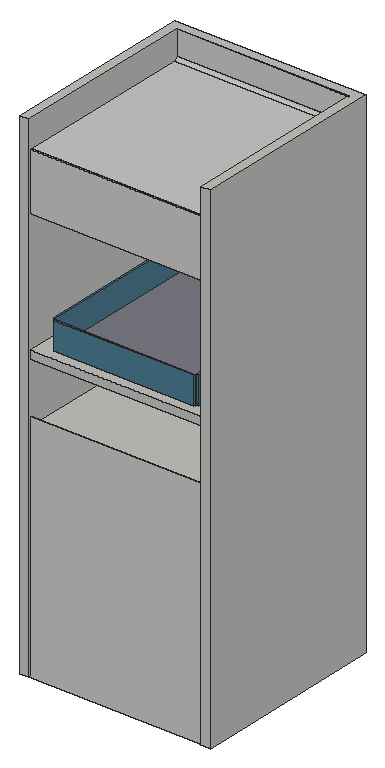
Revit family "Unit_Compact-Teknion-Zones_ZNRC-R2015", category Furniture, Revit 2015
Parameters (values of type "Unit with Casters and Cubby Tray")
  With Cubby Tray = yes
  With Casters = yes
  Width = 16"
  Warranty = "http://www.teknion.com/ca/papers/legal-canada"
  URL = "http://www.teknion.com"
  Sustainability Data = "http://www.teknion.com/ca/tools/assets#&asset=444deb64-fe58-4b68-981e-f75e97781df7,b4ff2d81-9f2e-437d-9659-7cffb09c31cf"
  Series = "Zones"
  Product Page URL = "http://www.teknion.com/products/product-details?productLineId=b28c7a6e-8e7a-673b-a6c8-ff64004460c4"
  Product Line = "Zones"
  Product Documentation Link = "http://www.teknion.com/pricing/Zones/pdfs/ZNRC_ppg.pdf"
  Part Number = "ZNRC"
  With Levellers = no
  Model = "ZNRC4216YY"
  Metal Countertop Finish [instance] = Seamless Paint - Teknion - ZI - Very White
  Manufacturer Phone = "416-661-3370"
  Manufacturer Fax = "416.661.4586"
  Manufacturer Contact Information = "http://www.teknion.com/ca/contactus"
  Manufacturer Address = "1150 Flint Road, Toronto, ON. M3J 2J5. Canada"
  Manufacturer = "Teknion"  # constant formula
  Height = 42"
  Front Finish [instance] = Seamless Paint - Teknion - ZI - Very White
  Description = "Compact Mobile Unit, 42\"h x 16\"w, Casters, Cubby Trays"
  Depth = 16"
  Cubby Tray Finish [instance] = Mineral Teal - Teknion - Navy
  Case Finish [instance] = Laminate - Teknion - RV - Very White
  Assembly Code = "E2020200"
Types (4): name | With Cubby Tray | With Casters | With Levellers | Model | Description
  Unit | no | no | yes | "ZNRC4216NN" | "Compact Mobile Unit, 42\"h x 16\"w, No Casters, No Cubby Trays"
  Unit with Cubby Tray | yes | no | yes | "ZNRC4216NY" | "Compact Mobile Unit, 42\"h x 16\"w, No Casters, Cubby Trays"
  Unit with Casters | no | yes | no | "ZNRC4216YN" | "Compact Mobile Unit, 42\"h x 16\"w, Casters, No Cubby Trays"
  Unit with Casters and Cubby Tray | yes | yes | no | "ZNRC4216YY" | "Compact Mobile Unit, 42\"h x 16\"w, Casters, Cubby Trays"
Reference planes (in)
  plane 1 "Center (Front/Back)": y = 0
  plane 2 "Bottom": z = 0
  plane 3 "Center L/R": x = 0
  plane 4 "Top": z = 42
  plane 5 "Right": x = 7.84375
  plane 6 "Left": x = -7.84375
  plane 7 "Back": y = 8
  plane 8 "Front": y = -8
  plane 9 "Support": y = -6.125
  plane 10: y = 6.5
  plane 11 "Masking": z = 39.74999
Forms (in)
  Sweep 1, solid, material "Seamless Paint - Teknion - ZI - Very White" <- "Front Finish"
    path origin (0, 0, 7.16145) x (0, 1, 0) y (-1, 0, 0)
      loop
        line (0, 7.15375) -> (0, -7.15375)
    profile origin (0, 0, 7.16145) x (0, 1, 0) y (0, 0, 1)
      loop
        line (-7.815, 27.83854) -> (-7.815, 32.58854) -> (-7.92, 32.58854) -> (-7.92, 27.83854) -> (-7.815, 27.83854)
      loop
        line (-6.759, 27.83854) -> (7.189, 27.83854) -> (7.189, 28.83854) -> (-6.759, 28.83854) -> (-6.759, 27.83854)
      loop
        line (-7.815, 12.83855) -> (-7.92, 12.83855) -> (-7.92, -6.41145) -> (-7.815, -6.41145) -> (-7.815, 12.83855)
  Sweep 2, solid, material "Laminate - Teknion - RV - Very White" <- "Case Finish"
    path origin (0, 0, 0) x (0, 1, 0) y (0, 0, 1)
      loop
        line (0, 0.75) -> (0, 42)
    profile origin (0, 0, 21.375) x (0, -1, 0) y (1, 0, 0)
      loop
        line (-8, -7.84375) -> (8, -7.84375) -> (8, -7.09375) -> (-7.189, -7.09375) -> (-7.189, 7.09625) -> (8, 7.09625) -> (8, 7.84375) -> (-8, 7.84375) -> (-8, -7.84375)
  Sweep 3, solid, material "Laminate - Teknion - RV - Very White" <- "Case Finish"
    path origin (0, 0, 7.16145) x (0, 1, 0) y (-1, 0, 0)
      loop
        line (0, 7.09375) -> (0, -7.09625)
    profile origin (0.00125, 0, 7.16145) x (0, 1, 0) y (0, 0, 1)
      loop
        line (7.189, 17.08855) -> (7.189, 17.77855) -> (-7.92, 17.77855) -> (-7.92, 17.08855) -> (7.189, 17.08855)
      loop
        line (7.189, 11.39855) -> (7.189, 12.08855) -> (-7.06, 12.08855) -> (-7.06, 11.39855) -> (7.189, 11.39855)
      loop
        line (-6.759, 27.83854) -> (7.189, 27.83854) -> (7.189, 28.83854) -> (-6.759, 28.83854) -> (-6.759, 27.83854)
  Sweep 4, solid, material "Laminate - Teknion - RV - Very White" <- "Case Finish", visible <- "With Casters"
    path origin (0, 0, 7.16145) x (0, 1, 0) y (-1, 0, 0)
      loop
        line (0, 7.09375) -> (0, -7.09625)
    profile origin (0.00125, 0, 7.16145) x (0, 1, 0) y (0, 0, 1)
      loop
        line (-7, -4.32144) -> (-7, -5.01144) -> (7.31, -5.01144) -> (7.31, -4.32144) -> (-7, -4.32144)
  Sweep 5, solid, material "Seamless Paint - Teknion - ZI - Very White" <- "Metal Countertop Finish"
    path origin (0, -6.125, 0) x (-1, 0, 0) y (0, 0, 1)
      loop
        line (7.09375, 42) -> (-7.09625, 42)
    profile origin (0.00125, -6.125, 42) x (0, 0, -1) y (0, 1, 0)
      loop
        line (2.25001, 13.06106) -> (2.25001, -1.69) -> (2.97001, -1.69) -> (2.97001, 13.375) -> (0.02072, 13.375) -> (0.02072, 13.31106) -> (2.00001, 13.31106)
        arc (2.00001, 13.31106) -> (2.17678, 13.23784) -> (2.25001, 13.06106) r 0.25
  Sweep 6, solid, material "Laminate - Teknion - RV - Very White" <- "Case Finish", visible <- "With Levellers"
    path origin (0, 0, 5.76144) x (0, 1, 0) y (-1, 0, 0)
      loop
        line (0, 7.09375) -> (0, -7.09625)
    profile origin (0.00125, 0, 5.76144) x (0, 1, 0) y (0, 0, 1)
      loop
        line (7.189, -4.32144) -> (-7.815, -4.32144) -> (-7.815, -5.01144) -> (7.189, -5.01144) -> (7.189, -4.32144)
Cuts and joins
  joined: Sweep 2, Sweep 3
Lines and regions (in)
  Masking region 1
    outline origin (0, 0, 39.74999) x (-1, 0, 0) y (0, -1, 0)
      loop
        line (7.84375, -8) -> (7.84375, 8) -> (-7.84375, 8) -> (-7.84375, -8) -> (7.84375, -8)
  Masking region 2, visible <- "With Casters", detail levels medium+fine
    outline origin (0, 0, 39.74999) x (-1, 0, 0) y (0, -1, 0)
      loop
        line (4.7682, -7.00428) -> (6.09933, -7.00428)
        arc (6.09933, -7.00428) -> (6.15509, -6.98406) -> (6.18491, -6.93278) r 0.08697
        arc (6.18491, -6.93278) -> (6.26163, -6.07444) -> (6.18401, -5.21617) r 4.81156
        arc (6.18401, -5.21617) -> (6.1511, -5.1597) -> (6.08965, -5.13742) r 0.0959
        line (6.08965, -5.13742) -> (4.78411, -5.13742)
        arc (4.78411, -5.13742) -> (4.72362, -5.15934) -> (4.69122, -5.21493) r 0.09442
        arc (4.69122, -5.21493) -> (4.61336, -6.07761) -> (4.69144, -6.94026) r 4.81156
        arc (4.69144, -6.94026) -> (4.71822, -6.98618) -> (4.7682, -7.00428) r 0.07802
      loop
        arc (-4.7682, -7.00428) -> (-4.71822, -6.98618) -> (-4.69144, -6.94026) r 0.07802
        arc (-4.69144, -6.94026) -> (-4.61336, -6.07761) -> (-4.69122, -5.21493) r 4.81156
        arc (-4.69122, -5.21493) -> (-4.72362, -5.15934) -> (-4.78411, -5.13742) r 0.09442
        line (-4.78411, -5.13742) -> (-6.08965, -5.13742)
        arc (-6.08965, -5.13742) -> (-6.1511, -5.1597) -> (-6.18401, -5.21617) r 0.0959
        arc (-6.18401, -5.21617) -> (-6.26163, -6.07444) -> (-6.18491, -6.93278) r 4.81156
        arc (-6.18491, -6.93278) -> (-6.15509, -6.98406) -> (-6.09933, -7.00428) r 0.08697
        line (-6.09933, -7.00428) -> (-4.7682, -7.00428)
      loop
        arc (4.7682, 7.47303) -> (4.71822, 7.45493) -> (4.69144, 7.40901) r 0.07802
        arc (4.69144, 7.40901) -> (4.61336, 6.54636) -> (4.69122, 5.68368) r 4.81156
        arc (4.69122, 5.68368) -> (4.72362, 5.62809) -> (4.78411, 5.60617) r 0.09442
        line (4.78411, 5.60617) -> (6.08965, 5.60617)
        arc (6.08965, 5.60617) -> (6.1511, 5.62845) -> (6.18401, 5.68492) r 0.0959
        arc (6.18401, 5.68492) -> (6.26163, 6.54319) -> (6.18491, 7.40153) r 4.81156
        arc (6.18491, 7.40153) -> (6.15509, 7.45281) -> (6.09933, 7.47303) r 0.08697
        line (6.09933, 7.47303) -> (4.7682, 7.47303)
      loop
        line (-4.7682, 7.47303) -> (-6.09933, 7.47303)
        arc (-6.09933, 7.47303) -> (-6.15509, 7.45281) -> (-6.18491, 7.40153) r 0.08697
        arc (-6.18491, 7.40153) -> (-6.26163, 6.54319) -> (-6.18401, 5.68492) r 4.81156
        arc (-6.18401, 5.68492) -> (-6.1511, 5.62845) -> (-6.08965, 5.60617) r 0.0959
        line (-6.08965, 5.60617) -> (-4.78411, 5.60617)
        arc (-4.78411, 5.60617) -> (-4.72362, 5.62809) -> (-4.69122, 5.68368) r 0.09442
        arc (-4.69122, 5.68368) -> (-4.61336, 6.54636) -> (-4.69144, 7.40901) r 4.81156
        arc (-4.69144, 7.40901) -> (-4.71822, 7.45493) -> (-4.7682, 7.47303) r 0.07802
  symbolic lines, detail levels medium+fine
    curve 1: line (7.15375, -8, 0) -> (7.15375, 7.189, 0)
    curve 2: line (7.15375, 7.189, 0) -> (-7.15375, 7.189, 0)
    curve 3: line (-7.15375, 7.189, 0) -> (-7.15375, -8, 0)
  symbolic lines, style "FurnitureHiddenLines", detail levels fine
    curve 4: line (7.15375, -7, 39.74999) -> (-7.15375, -7, 39.74999)
  symbolic lines, detail levels fine
    curve 5: line (-7.15375, -7.92, 39.74999) -> (7.15375, -7.92, 39.74999)
  symbolic lines, style "FurnitureHiddenLines", visible <- "With Cubby Tray", detail levels fine
    curve 6: line (6, -7.125, 39.74999) -> (6, 7.125, 39.74999)
    curve 7: line (-6, -7.125, 39.74999) -> (6, -7.125, 39.74999)
    curve 8: line (-6, -7.125, 39.74999) -> (-6, 7.125, 39.74999)
    curve 9: line (6, 7.125, 39.74999) -> (-6, 7.125, 39.74999)
Dimensions and locks (in)
  "Height": plane 4 "Top" to plane 2 "Bottom"
  equal spacing: plane 6 "Left", plane 3 "Center L/R", plane 5 "Right"
  locked: plane 6 "Left" to plane 5 "Right" at 15.6875
  equal spacing: plane 7 "Back", plane 1 "Center (Front/Back)", plane 8 "Front"
  "Width": plane 7 "Back" to plane 8 "Front"
  equal spacing: Sweep 1 sketch curve, plane 3 "Center L/R", Sweep 1 sketch curve
  plane 1 "Center (Front/Back)" to Sweep 1 sketch curve to Sweep 1 sketch curve = 7.815" locked, 0.105" locked
  Sweep 1 sketch curve to Sweep 1 sketch curve to plane 2 "Bottom" = 19 1/4" locked, 3/4"
  locked: Sweep 2 sketch curve to plane 2 "Bottom" at 0.75
  plane 7 "Back" to Sweep 3 sketch curve to Sweep 3 sketch curve = 15.06" locked, 0.86" locked
  locked: plane 10 to plane 7 "Back" at 1.5
  locked: plane 9 "Support" to plane 8 "Front" at 1.875
  plane 10 to nested 1 = 0.40282"
  nested 2 to nested 1 to plane 3 "Center L/R" to nested 3 to nested 4 = 0" locked, 5 7/16" locked, 5 7/16" locked, 0" locked
  locked: plane 8 "Front" to nested 4 at 1.49
  locked: plane 7 "Back" to nested 3 at 1.90282
  Sweep 4 sketch curve to Sweep 4 sketch curve to plane 2 "Bottom" = 0.69" locked, 2.15001" locked
  Sweep 4 sketch curve to plane 1 "Center (Front/Back)" to Sweep 4 sketch curve = 7.31" locked, 7" locked
  Sweep 1 to Sweep 1 to plane 4 "Top" = 1" locked, 6" locked
  locked: plane 1 "Center (Front/Back)" to Sweep 1 at 6.759
  nested 6 to plane 5 "Right" = 1.51903"
  nested 6 to plane 7 "Back" = 1.52422"
  locked: plane 6 "Left" to nested 8 at 0.4975
  locked: plane 7 "Back" to nested 7 at 0.77422
  locked: nested 8 to plane 8 "Front" at 1.125
  locked: plane 5 "Right" to nested 6 at 0.51903
  nested 9 to plane 7 "Back" = 7/8"
  Sweep 3 sketch curve to Sweep 3 sketch curve to plane 2 "Bottom" = 5" locked, 19 1/4" locked
  locked: plane 4 "Top" to Sweep 1 sketch curve at 2.25001
  locked: plane 4 "Top" to plane 11 "Masking" at 2.25001
  Masking region 2 sketch curve to Masking region 2 sketch curve to plane 1 "Center (Front/Back)" to Masking region 2 sketch curve to Masking region 2 sketch curve = 1.78935" locked, 5.68368" locked, 5.21493" locked, 0" locked
  Masking region 2 sketch curve to plane 3 "Center L/R" to Masking region 2 sketch curve to Masking region 2 sketch curve = 6.18401" locked, 4.69122" locked, 1.40812" locked
  locked: Sweep 6 sketch curve to Sweep 6 sketch curve at 0.69
  Sweep 6 sketch curve to Sweep 6 sketch curve = 15.004"
  locked: Sweep 6 to plane 2 "Bottom" at 0.75
  aligned and locked: level to plane 2 "Bottom"
  aligned and locked: plane 1 "Center (Front/Back)" to Sweep 1 sketch curve
  aligned and locked: plane 1 "Center (Front/Back)" to Sweep 2 sketch curve
  aligned and locked: plane 4 "Top" to Sweep 2 sketch curve
  aligned and locked: Sweep 2 sketch curve to plane 7 "Back"
  aligned and locked: Sweep 2 sketch curve to plane 6 "Left"
  aligned and locked: Sweep 2 sketch curve to plane 5 "Right"
  aligned and locked: plane 8 "Front" to Sweep 2 sketch curve
  aligned and locked: Sweep 2 sketch curve to plane 8 "Front"
  aligned and locked: plane 1 "Center (Front/Back)" to Sweep 3 sketch curve
  aligned and locked: Sweep 2 to Sweep 3 sketch curve  (x2)
  aligned and locked: Sweep 3 sketch curve to Sweep 2  (x2)
  aligned and locked: nested 1 to nested 2
  aligned and locked: nested 3 to nested 4
  aligned and locked: nested 1 to nested 3
  aligned and locked: nested 2 to nested 4
  aligned and locked: plane 1 "Center (Front/Back)" to Sweep 4 sketch curve
  aligned and locked: Sweep 2 to Sweep 4 sketch curve  (x2)
  aligned and locked: nested 5 to nested 8  (x2)
  aligned and locked: nested 7 to nested 8
  aligned and locked: nested 6 to nested 7  (x2)
  aligned and locked: nested 6 to nested 5
  aligned and locked: Sweep 2 to nested 8
  aligned and locked: Sweep 2 to nested 7
  aligned and locked: Sweep 2 to nested 6
  aligned and locked: Sweep 2 to nested 5
  aligned and locked: Sweep 5 sketch curve to plane 4 "Top"
  aligned and locked: Sweep 5 sketch curve to Sweep 2
  aligned and locked: Sweep 2 to Sweep 5 sketch curve
  aligned and locked: Sweep 4 to nested 1
  aligned and locked: nested 4 to Sweep 4
  aligned and locked: Sweep 4 to nested 2
  aligned and locked: nested 3 to Sweep 4
  aligned and locked: plane 3 "Center L/R" to nested 9
  aligned and locked: nested 9 to cut or joined group of Sweep 2, Sweep 3
  aligned and locked: plane 1 "Center (Front/Back)" to nested 9
  aligned and locked: Masking region 1 sketch curve to plane 5 "Right"
  aligned and locked: Masking region 1 sketch curve to plane 7 "Back"
  aligned and locked: Masking region 1 sketch curve to plane 6 "Left"
  aligned and locked: plane 8 "Front" to Masking region 1 sketch curve
  aligned and locked: Sweep 1 to Sweep 5
  aligned and locked: curve 4 to Sweep 4
  aligned and locked: Sweep 1 to curve 4
  aligned and locked: Sweep 1 to curve 5
  aligned and locked: curve 2 to Sweep 1
  aligned and locked: curve 6 to nested 9
  aligned and locked: curve 7 to nested 9
  aligned and locked: curve 8 to nested 9
  aligned and locked: curve 9 to nested 9
  aligned and locked: Sweep 6 sketch curve to cut or joined group of Sweep 2, Sweep 3
  aligned and locked: Sweep 6 to Sweep 5
Automatic sketch dimensions
  curve 3 to plane 8 "Front" = 0"
  curve 1 to plane 8 "Front" = 0"
  curve 3 to plane 6 "Left" = 0.69"
  curve 2 to plane 5 "Right" = 0.69"
  Sweep 1 sketch curve to plane 5 "Right" = 0.69"
  profile plane to Sweep 1 sketch curve = 7.92"
  Sweep 1 sketch curve to Sweep 1 sketch curve = 0.105"
  Sweep 1 sketch curve to Sweep 1 sketch curve = 1.056"
  Sweep 1 sketch curve to profile plane = 7.189"
  Sweep 1 sketch curve to Sweep 1 sketch curve = 4 3/4"
  Sweep 1 sketch curve to Sweep 1 sketch curve = 0"
  Sweep 1 sketch curve to Sweep 1 sketch curve = 1"
  Sweep 2 sketch curve to Sweep 2 sketch curve = 0.811"
  Sweep 2 sketch curve to Sweep 2 sketch curve = 3/4"
  Sweep 2 sketch curve to Sweep 2 sketch curve = 0.7475"
  profile plane to Sweep 3 sketch curve = 6.759"
  Sweep 3 sketch curve to profile plane = 7.189"
  Sweep 3 sketch curve to Sweep 3 sketch curve = 0.69"  (x2)
  Sweep 3 sketch curve to Sweep 3 sketch curve = 10.05999"
  Sweep 3 sketch curve to Sweep 3 sketch curve = 1"
  Sweep 5 sketch curve to profile plane = 0.02072"
  Sweep 5 sketch curve to Sweep 5 sketch curve = 1.97928"
  Sweep 5 sketch curve to profile plane = 2 1/4"
  Sweep 5 sketch curve to Sweep 5 sketch curve = 0.72"
  Sweep 5 sketch curve to plane 9 "Support" = 1.69"
  plane 9 "Support" to Sweep 5 sketch curve = 13.06106"
  Sweep 5 sketch curve to Sweep 5 sketch curve = 0.06394"
  curve 5 to plane 5 "Right" = 0.69"
  curve 4 to plane 6 "Left" = 0.69"
  curve 5 to plane 6 "Left" = 0.69"
  plane 10 to Masking region 2 sketch curve = 0.42303"  (x4)
  plane 5 "Right" to Masking region 2 sketch curve = 1.58118"  (x2)
  Masking region 2 sketch curve to plane 9 "Support" = 0.42072"  (x4)
  Masking region 2 sketch curve to plane 10 = 0.50428"  (x2)
  Masking region 2 sketch curve to plane 5 "Right" = 1.74442"  (x2)
  plane 9 "Support" to Masking region 2 sketch curve = 0.42292"
  Masking region 2 sketch curve to Masking region 2 sketch curve = 0.00968"
  Masking region 2 sketch curve to Masking region 2 sketch curve = 0.09436"
  plane 9 "Support" to Masking region 2 sketch curve = 0.4244"
  Masking region 2 sketch curve to Masking region 2 sketch curve = 1.30554"  (x4)
  Masking region 2 sketch curve to plane 10 = 0.42626"  (x2)
  Masking region 2 sketch curve to Masking region 2 sketch curve = 1.33114"  (x4)
  plane 8 "Front" to Masking region 2 sketch curve = 0.60499"
  plane 3 "Center L/R" to Masking region 2 sketch curve = 1.45007"  (x2)
  Masking region 2 sketch curve to plane 3 "Center L/R" = 1.45007"  (x2)
  plane 8 "Front" to Masking region 2 sketch curve = 0.52697"
  Masking region 2 sketch curve to Masking region 2 sketch curve = 0.07698"
  Masking region 2 sketch curve to Masking region 2 sketch curve = 0.01591"
  Masking region 2 sketch curve to Masking region 2 sketch curve = 0.09289"
  plane 6 "Left" to Masking region 2 sketch curve = 1.58118"  (x2)
  Masking region 2 sketch curve to Masking region 2 sketch curve = 0.08697"  (x4)
  plane 10 to Masking region 2 sketch curve = 1.26667"  (x2)
  Masking region 2 sketch curve to Masking region 2 sketch curve = 0.01692"
  Masking region 2 sketch curve to Masking region 2 sketch curve = 0.09442"
  Masking region 2 sketch curve to Masking region 2 sketch curve = 0.0959"
  Masking region 2 sketch curve to Masking region 2 sketch curve = 0.07802"
  Masking region 2 sketch curve to Masking region 2 sketch curve = 0"  (x8)
  plane 1 "Center (Front/Back)" to Sweep 6 sketch curve = 0"
  Sweep 6 sketch curve to plane 5 "Right" = 0.7475"
  Sweep 6 sketch curve to plane 6 "Left" = 3/4"
  Sweep 6 sketch curve to profile plane = 5.01144"
Nested families (in)
  nested 1: "Caster-Easel-Teknion-Zones_ZNRC-R2015" at (-5.4375, 6.09718, -0.00052) x (-1, 0, 0) z (0, 0, 1), visible <- "With Casters", type "Casters", detail levels medium+fine
  nested 2: "Caster-Easel-Teknion-Zones_ZNRC-R2015" at (-5.4375, -6.51, -0.00052) x (-1, 0, 0) z (0, 0, 1), visible <- "With Casters", type "Casters", detail levels medium+fine
  nested 3: "Caster-Easel-Teknion-Zones_ZNRC-R2015" at (5.4375, 6.09718, -0.00052), visible <- "With Casters", type "Casters", detail levels medium+fine
  nested 4: "Caster-Easel-Teknion-Zones_ZNRC-R2015" at (5.4375, -6.51, -0.00052), visible <- "With Casters", type "Casters", detail levels medium+fine
  nested 5: "Levellers-Teknion-Zones_ZNRC-R2015" at (6.32472, -6.125, 0), visible <- "With Levellers", type "Support"
  nested 6: "Levellers-Teknion-Zones_ZNRC-R2015" at (6.32472, 6.47578, 0), visible <- "With Levellers", type "Support"
  nested 7: "Levellers-Teknion-Zones_ZNRC-R2015" at (-6.34625, 6.47578, 0), visible <- "With Levellers", type "Support"
  nested 8: "Levellers-Teknion-Zones_ZNRC-R2015" at (-6.34625, -6.125, 0), visible <- "With Levellers", type "Support"
  nested 9: "Cubby_Tray-Teknion-Zones_ZNAX-R2015" at (0, 0, 24.94), visible <- "With Cubby Tray", type "Medium"
Definition of nested family "Caster-Easel-Teknion-Zones_ZNRC-R2015"
  Parameters (values of type "Casters")
    Description = "Caster"
    Assembly Code = "E"
  Reference planes (in)
    plane 1 "Center (Front/Back)": y = 0
    plane 2: z = 0
    plane 3 "Center (Left/Right)": x = 0
    plane 4 "Wheel Axle": z = 1.18113
    plane 5 "Left Center of Wheel": x = 0
  Forms (in)
    Revolve 1, solid
      sketch origin (31.12002, -0.02458, 0) x (1, 0, 0) y (0, 0, 1)
        loop
          line (-30.82613, 0.93113) -> (-30.82613, 0) -> (-30.45324, 0)
          arc (-30.45324, 0) -> (-30.40154, 0.01811) -> (-30.37344, 0.06512) r 0.08042
          arc (-30.37344, 0.06512) -> (-30.30654, 0.49623) -> (-30.27204, 0.93113) r 5.83429
          line (-30.27204, 0.93113) -> (-30.45324, 0.93113) -> (-30.82613, 0.93113)
        loop
          line (-31.41668, 0.93113) -> (-31.7868, 0.93113) -> (-31.96801, 0.93113)
          arc (-31.96801, 0.93113) -> (-31.93351, 0.49623) -> (-31.86661, 0.06512) r 5.83429
          arc (-31.86661, 0.06512) -> (-31.8385, 0.01811) -> (-31.7868, 0) r 0.08042
          line (-31.7868, 0) -> (-31.41668, 0) -> (-31.41668, 0.93113)
        axis (-31.96801, 0.93113) -> (-30.27204, 0.93113)
      angle from 0 to 360
    Sweep 2, solid
      path origin (31.1214, 0, 0) x (1, 0, 0) y (0, 0, 1)
        loop
          line (-31.89699, 0.78743) -> (-30.39699, 0.78743)
      profile origin (-0.02559, 0, 0.78743) x (0, 0, 1) y (0, -1, 0)
        loop
          arc (0, -1.08898) -> (0.81014, -0.78711) -> (1.16779, 0) r 1.12655
          arc (1.16779, 0) -> (0.82385, 0.81505) -> (0, 1.13733) r 1.13772
          line (0, 1.13733) -> (0, 1.06745)
          arc (0, 1.06745) -> (0.78722, 0.78063) -> (1.11355, 0.00895) r 1.04936
          arc (1.11355, 0.00895) -> (0.77913, -0.74812) -> (0, -1.02733) r 1.04936
          line (0, -1.02733) -> (0, -1.08898)
    Revolve 3, solid
      sketch origin (31.18252, 0.76026, -0.03125) x (1, 0, 0) y (0, 0, 1)
        loop
          line (-31.57188, 2.05385) -> (-31.57188, 1.18113) -> (-31.18252, 1.18113) -> (-31.18252, 2.05385) -> (-31.57188, 2.05385)
        axis (-31.18252, 2.05385) -> (-31.18252, 1.18113)
      angle from 0 to 360
    Sweep 4, solid
      path origin (0, 11.90344, -0.375) x (0, 1, 0) y (0, 0, 1)
        loop
          line (0.78484, 2.36814) -> (0.78484, 2.52553)
      profile origin (0, 12.68828, 2.07183) x (0, -1, 0) y (1, 0, 0)
        loop
          arc (11.54022, -0.5003) -> (11.92802, -0.88809) -> (12.31581, -0.5003) r 0.3878
          line (12.31581, -0.5003) -> (12.31581, 0.5003)
          arc (12.31581, 0.5003) -> (11.92802, 0.88809) -> (11.54022, 0.5003) r 0.3878
          line (11.54022, 0.5003) -> (11.54022, -0.5003)
  Cuts and joins
    joined: Sweep 2, Revolve 3
    joined: Revolve 1, Sweep 4
  Lines and regions (in)
    Masking region 1, detail levels medium+fine
      outline origin (31.18252, 11.90344, 1.18113) x (-1, 0, 0) y (0, -1, 0)
        loop
          line (31.18252, 10.99689) -> (31.8493, 10.99689)
          arc (31.8493, 10.99689) -> (31.89995, 11.01242) -> (31.92779, 11.0575) r 0.07519
          arc (31.92779, 11.0575) -> (32.01013, 11.92913) -> (31.91955, 12.79994) r 4.43265
          arc (31.91955, 12.79994) -> (31.89181, 12.84567) -> (31.84107, 12.86256) r 0.07754
          line (31.84107, 12.86256) -> (30.52398, 12.86256)
          arc (30.52398, 12.86256) -> (30.47323, 12.84567) -> (30.44549, 12.79994) r 0.07754
          arc (30.44549, 12.79994) -> (30.35491, 11.92913) -> (30.43726, 11.0575) r 4.43265
          arc (30.43726, 11.0575) -> (30.46509, 11.01242) -> (30.51574, 10.99689) r 0.07519
          line (30.51574, 10.99689) -> (31.18252, 10.99689)
  Dimensions and locks (in)
    plane 4 "Wheel Axle" to plane 2 = 1.18113"
    plane 5 "Left Center of Wheel" to Masking region 1 sketch curve to Masking region 1 sketch curve = 0.66094", 0.01054"
    Sweep 2 sketch curve to plane 5 "Left Center of Wheel" to Sweep 2 sketch curve = 0.77559" locked, 0.72441" locked
    aligned and locked: plane 2 to level
    aligned and locked: Revolve 3 sketch curve to Revolve 3 sketch curve  (x2)
    aligned and locked: Revolve 1 sketch curve to Revolve 1 sketch curve
Definition of nested family "Levellers-Teknion-Zones_ZNRC-R2015"
  Parameters (values of type "Support")
    No Casters = yes
    Description = "Caster"
    Assembly Code = "E"
  Reference planes (in)
    plane 1 "Center (Front/Back)": y = 0
    plane 2: z = 0
    plane 3 "Center (Left/Right)": x = 0
    plane 4 "Wheel Axle": z = 1.18113
    plane 5 "Left Center of Wheel": x = 0
  Forms (in)
    Revolve 1, solid, visible <- "No Casters"
      sketch origin (0, 0.03186, 0) x (-1, 0, 0) y (0, 0, 1)
        loop
          line (0, 0.675) -> (-0.50689, 0.675) -> (-0.50689, 0.52419) -> (-0.14903, 0.52419) -> (-0.14903, 0.428) -> (-0.3125, 0.428) -> (-0.3125, 0.188) -> (-0.40251, 0.188)
          arc (-0.40251, 0.188) -> (-0.49651, 0.094) -> (-0.40251, 0) r 0.094
          line (-0.40251, 0) -> (0, 0) -> (0, 0.675)
        axis (0, 0) -> (0, 0.675)
      angle from 0 to 360
    Sweep 2, solid, visible <- "No Casters"
      path origin (1.76666, -9.56106, 0) x (1, 0, 0) y (0, 0, 1)
        loop
          line (7.84375, 0.675) -> (7.84375, 0.75)
      profile origin (9.61041, -9.56106, 0.7125) x (-1, 0, 0) y (0, -1, 0)
        loop
          line (10.61041, -8.81106) -> (8.61041, -8.81106) -> (8.61041, -10.31106) -> (10.61041, -10.31106) -> (10.61041, -8.81106)
  Lines and regions (in)
    Masking region 1, detail levels medium+fine
      outline origin (31.18252, 11.90344, 1.18113) x (-1, 0, 0) y (0, -1, 0)
        loop
          circle (31.18252, 11.87158) r 0.50689
  Dimensions and locks (in)
    plane 4 "Wheel Axle" to plane 2 = 1.18113"
    Revolve 1 sketch curve to Revolve 1 sketch curve to plane 4 "Wheel Axle" = 0.675" locked, 0.50613" locked
    locked: plane 5 "Left Center of Wheel" to Revolve 1 sketch curve at 0.50689
    locked: Sweep 2 sketch curve to Sweep 2 sketch curve at 0.075
    aligned and locked: plane 2 to level
Definition of nested family "Cubby_Tray-Teknion-Zones_ZNAX-R2015"
  Parameters (values of type "Medium")
    Width = 12"
    URL = "http://www.teknion.com"
    Sustainability Data = "http://www.teknion.com/ca/tools/assets#&asset=444deb64-fe58-4b68-981e-f75e97781df7,b4ff2d81-9f2e-437d-9659-7cffb09c31cf"
    Model = "ZNAX"
    Manufacturer Phone = "416-661-3370"
    Manufacturer Fax = "416.661.4586"
    Manufacturer = "Teknion"  # constant formula
    Height = 2 1/4"
    Description = "Cubby Tray"
    Depth = 14 1/4"
    Cubby Tray Finish = none
    Assembly Code = "E2020200"
  Reference planes (in)
    plane 1 "Center (Front/Back)": y = 0
    plane 2: z = 0
    plane 3 "Center L/R": x = 0
    plane 4 "Left": x = -6
    plane 5 "Right": x = 6
    plane 6 "Back": y = 7.125
    plane 7 "Front": y = -7.125
    plane 8 "Top": z = 2.25
  Forms (in)
    Sweep 1, solid
      path origin (0, -7.125, 0) x (1, 0, 0) y (0, 0, 1)
        loop
          line (0, 0.09937) -> (0, 0)
      profile origin (0, -7.125, 0.04969) x (0, -1, 0) y (1, 0, 0)
        loop
          line (-14.09375, -5.84375) -> (-0.14111, -5.84375) -> (-0.14111, 5.84375) -> (-14.09375, 5.84375) -> (-14.09375, -5.84375)
    Sweep 2, solid, material <- "Cubby Tray Finish"
      path origin (0, 0, 0) x (0, 1, 0) y (0, 0, 1)
        loop
          line (0, 2.25) -> (0, 0)
      profile origin (0, 0, 1.125) x (1, 0, 0) y (0, 1, 0)
        loop
          line (-5.75, 7.125) -> (-5.75, 6.96875) -> (5.75, 6.96875) -> (5.75, 7.125) -> (-5.75, 7.125)
        loop
          line (6, 6.87662) -> (5.84375, 6.87662) -> (5.84375, -6.875) -> (6, -6.875) -> (6, 6.87662)
        loop
          line (5.75, -6.98389) -> (-5.75, -6.98389) -> (-5.75, -7.125) -> (5.75, -7.125) -> (5.75, -6.98389)
        loop
          line (-6, 6.87662) -> (-6, -6.875) -> (-5.84375, -6.875) -> (-5.84375, 6.87662) -> (-6, 6.87662)
  Lines and regions (in)
    symbolic lines, detail levels medium+fine
      curve 1: line (-6, 7.125, 7.16145) -> (6, 7.125, 7.16145)
      curve 2: line (-6, -7.125, 7.16145) -> (-6, 7.125, 7.16145)
      curve 3: line (6, -7.125, 7.16145) -> (-6, -7.125, 7.16145)
      curve 4: line (6, 7.125, 2.25) -> (6, -7.125, 2.25)
  Dimensions and locks (in)
    equal spacing: plane 4 "Left", plane 3 "Center L/R", plane 5 "Right"
    "Width": plane 4 "Left" to plane 5 "Right"
    "Height": plane 8 "Top" to plane 2
    equal spacing: plane 6 "Back", plane 1 "Center (Front/Back)", plane 7 "Front"
    "Depth": plane 6 "Back" to plane 7 "Front"
    Sweep 1 sketch curve to plane 2 to Sweep 1 sketch curve = 0.09937" locked, 0" locked
    locked: plane 7 "Front" to Sweep 2 sketch curve at 0.14111
    locked: plane 6 "Back" to Sweep 2 sketch curve at 0.15625
    locked: plane 4 "Left" to Sweep 2 sketch curve at 0.15625
    locked: Sweep 2 sketch curve to plane 5 "Right" at 0.15625
    locked: Sweep 2 sketch curve to plane 5 "Right" at 0.25
    locked: plane 6 "Back" to Sweep 2 sketch curve at 0.24838
    locked: plane 7 "Front" to Sweep 2 sketch curve at 0.25
    locked: plane 4 "Left" to Sweep 2 sketch curve at 0.25
    aligned and locked: level to plane 2
    aligned and locked: Sweep 1 sketch curve to plane 3 "Center L/R"
    aligned and locked: Sweep 2 sketch curve to plane 1 "Center (Front/Back)"
    aligned and locked: plane 8 "Top" to Sweep 2 sketch curve
    aligned and locked: plane 2 to Sweep 2 sketch curve
    aligned and locked: plane 4 "Left" to Sweep 2 sketch curve
    aligned and locked: Sweep 2 sketch curve to plane 6 "Back"
    aligned and locked: plane 5 "Right" to Sweep 2 sketch curve
    aligned and locked: plane 7 "Front" to Sweep 2 sketch curve
    aligned and locked: Sweep 2 sketch curve to Sweep 2 sketch curve  (x4)
    aligned and locked: Sweep 1 sketch curve to Sweep 2  (x4)
    aligned and locked: curve 4 to plane 5 "Right"
    aligned and locked: curve 1 to plane 6 "Back"
    aligned and locked: curve 3 to plane 7 "Front"
    aligned and locked: plane 4 "Left" to curve 2
  Automatic sketch dimensions
    curve 4 to plane 6 "Back" = 0"
    plane 7 "Front" to curve 4 = 0"
    curve 1 to plane 5 "Right" = 0"
    curve 3 to plane 5 "Right" = 0"
